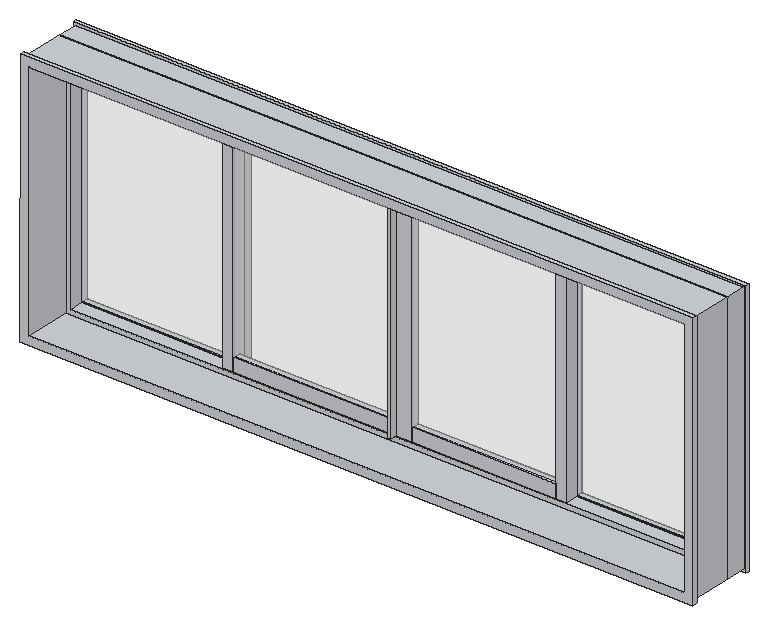
Revit family "APL Residential Thermal Heart Sliding Window FSSF", category Windows, host Wall, Revit 2017 (continued)
Definition of nested family "APL Residential Thermal Heart Sliding Window FSSF Horizontal Section"
  Definition of nested family "Jointer Stiles"
    Definition of nested family "65540_Keeper Stile"
      Lines and regions (mm)
        model lines, in view "Ref. Level"
          curve 69: line (8.003, -15.783, 0) -> (8.003, -17.6, 0)
          curve 70: line (8.503, -18.1, 0) -> (20.603, -18.1, 0)
          curve 71: line (21.125, -17.601, 0) -> (21.125, -17.2, 0)
          curve 72: line (20.625, -16.7, 0) -> (19.875, -16.7, 0)
          curve 73: line (19.675, -16.5, 0) -> (19.675, -15.9, 0)
          curve 74: line (19.875, -15.7, 0) -> (22.975, -15.7, 0)
          curve 75: line (23.175, -15.9, 0) -> (23.175, -16.5, 0)
          curve 76: line (22.975, -16.7, 0) -> (22.625, -16.7, 0)
          curve 77: line (22.425, -16.9, 0) -> (22.425, -17.5, 0)
          curve 78: line (22.625, -17.7, 0) -> (22.975, -17.7, 0)
          curve 79: line (23.375, -18.101, 0) -> (24.975, -18.101, 0)
          curve 80: line (25.375, -17.7, 0) -> (25.725, -17.7, 0)
          curve 81: line (25.925, -17.5, 0) -> (25.925, -16.9, 0)
          curve 82: line (25.725, -16.7, 0) -> (25.375, -16.7, 0)
          curve 83: line (25.175, -16.5, 0) -> (25.175, -15.9, 0)
          curve 84: line (25.375, -15.7, 0) -> (26.805, -15.7, 0)
          curve 85: line (27.005, -15.9, 0) -> (27.005, -19.151, 0)
          curve 86: line (27.005, -19.151, 0) -> (27.38, -19.151, 0)
          curve 87: line (27.38, -19.901, 0) -> (8.2, -19.901, 0)
          curve 88: line (8, -20.101, 0) -> (8, -45.899, 0)
          curve 89: line (4, -49.899, 0) -> (-4, -49.899, 0)
          curve 90: line (-8, -45.899, 0) -> (-8, -20.104, 0)
          curve 91: line (-8.2, -19.904, 0) -> (-18.324, -19.904, 0)
          curve 92: line (-18.824, -19.404, 0) -> (-18.824, -18.929, 0)
          curve 93: line (-20.163, -17.438, 0) -> (-26.067, -16.801, 0)
          curve 94: line (-26.246, -16.602, 0) -> (-26.246, -15.982, 0)
          curve 95: line (-26.046, -15.782, 0) -> (-20.224, -15.782, 0)
          curve 96: line (-16.863, -18.304, 0) -> (-8.5, -18.304, 0)
          curve 97: line (-8, -17.804, 0) -> (-8, -15.782, 0)
          curve 98: line (-8.268, -15.013, 0) -> (-8.782, -13.602, 0)
          curve 99: line (-8.474, -13.2, 0) -> (-6.108, -13.407, 0)
          curve 100: line (-5.922, -13.494, 0) -> (-5.559, -13.858, 0)
          curve 101: line (-5.648, -14.192, 0) -> (-5.816, -14.237, 0)
          curve 102: line (-5.816, -14.237, 0) -> (-6.49, -16.367, 0)
          curve 103: line (-6.49, -16.367, 0) -> (-6.5, -16.599, 0)
          curve 104: line (-5.753, -16.699, 0) -> (-2.525, -16.699, 0)
          curve 105: line (-2.525, -16.699, 0) -> (-1.75, -16.893, 0)
          curve 106: line (-1.5, -16.699, 0) -> (-1.5, -16.178, 0)
          curve 107: line (-1.5, -16.178, 0) -> (-2.309, -14.768, 0)
          curve 108: line (-2.45, -14.199, 0) -> (-0.425, -14.199, 0)
          curve 109: line (-0.255, -14.295, 0) -> (-0.111, -14.531, 0)
          curve 110: line (0.714, -14.2, 0) -> (2.452, -14.2, 0)
          curve 111: line (2.312, -14.769, 0) -> (1.547, -16.023, 0)
          curve 112: line (1.547, -16.023, 0) -> (1.503, -16.7, 0)
          curve 113: line (1.753, -16.894, 0) -> (2.503, -16.7, 0)
          curve 114: line (2.478, -16.706, 0) -> (5.756, -16.7, 0)
          curve 115: arc (5.756, -16.7, 0) -> (5.878, -16.726, 0) -> (5.979, -16.8, 0) r 0.3
          curve 116: arc (5.979, -16.8, 0) -> (6.31, -16.88, 0) -> (6.503, -16.6, 0) r 0.3
          curve 117: arc (-0.597, 0.001, 0) -> (-0.456, 0.059, 0) -> (-0.397, 0.201, 0) r 0.2
          curve 118: arc (-0.397, 12.7, 0) -> (-0.544, 13.054, 0) -> (-0.897, 13.2, 0) r 0.5
          curve 119: arc (-5.9, 13.2, 0) -> (-6.254, 13.054, 0) -> (-6.4, 12.7, 0) r 0.5
          curve 120: arc (-6.4, 0.203, 0) -> (-6.342, 0.06, 0) -> (-6.2, 0.001, 0) r 0.2
          curve 121: arc (8.003, -0.5, 0) -> (7.856, -0.147, 0) -> (7.503, 0, 0) r 0.502
          curve 122: arc (2.003, 0, 0) -> (1.646, 0.144, 0) -> (1.503, 0.5, 0) r 0.491
          curve 123: arc (1.503, 12.7, 0) -> (1.649, 13.054, 0) -> (2.003, 13.2, 0) r 0.5
          curve 124: arc (6, 13.2, 0) -> (6.966, 13.435, 0) -> (7.715, 14.088, 0) r 2.1
          curve 125: arc (7.715, 14.088, 0) -> (7.894, 14.244, 0) -> (8.124, 14.3, 0) r 0.5
          curve 126: arc (23.631, 14.3, 0) -> (23.789, 14.222, 0) -> (23.824, 14.048, 0) r 0.2
          curve 127: arc (23.423, 12.552, 0) -> (23.457, 12.378, 0) -> (23.616, 12.3, 0) r 0.2
          curve 128: arc (25.8, 12.538, 0) -> (25.918, 12.607, 0) -> (25.965, 12.735, 0) r 0.2
          curve 129: arc (26.807, 14, 0) -> (26.949, 14.059, 0) -> (27.007, 14.2, 0) r 0.201
          curve 130: arc (27.378, 15.35, 0) -> (27.753, 15.725, 0) -> (27.378, 16.1, 0) r 0.375
          curve 131: arc (8.2, 16.1, 0) -> (8.059, 16.159, 0) -> (8, 16.3, 0) r 0.2
          curve 132: arc (8, 42.105, 0) -> (6.828, 44.933, 0) -> (4, 46.105, 0) r 4
          curve 133: arc (-4, 46.105, 0) -> (-6.828, 44.933, 0) -> (-8, 42.105, 0) r 4
          curve 134: arc (-8, 16.3, 0) -> (-8.059, 16.159, 0) -> (-8.2, 16.1, 0) r 0.2
          curve 135: arc (-26.047, 16.1, 0) -> (-26.188, 16.041, 0) -> (-26.247, 15.9, 0) r 0.2
          curve 136: arc (-26.247, 15.699, 0) -> (-25.954, 14.992, 0) -> (-25.247, 14.699, 0) r 1
          curve 137: arc (-20.243, 14.413, 0) -> (-20.065, 14.403, 0) -> (-19.887, 14.4, 0) r 5
          curve 138: arc (-8.5, 14.4, 0) -> (-8.146, 14.254, 0) -> (-8, 13.9, 0) r 0.5
          curve 139: arc (-8, -2.816, 0) -> (-7.801, -3.122, 0) -> (-8.043, -3.394, 0) r 0.3
          curve 140: arc (-8.043, -3.394, 0) -> (-8.181, -3.46, 0) -> (-8.268, -3.586, 0) r 0.3
          curve 141: arc (-8.782, -4.997, 0) -> (-8.738, -5.282, 0) -> (-8.474, -5.398, 0) r 0.3
          curve 142: arc (-6.108, -5.191, 0) -> (-6.008, -5.164, 0) -> (-5.922, -5.104, 0) r 0.3
          curve 143: arc (-5.559, -4.741, 0) -> (-5.507, -4.547, 0) -> (-5.648, -4.406, 0) r 0.2
          curve 144: arc (-5.816, -4.361, 0) -> (-5.905, -4.309, 0) -> (-5.957, -4.22, 0) r 0.2
          curve 145: arc (-6.5, -1.999, 0) -> (-6.307, -1.719, 0) -> (-5.976, -1.799, 0) r 0.3
          curve 146: arc (-5.976, -1.799, 0) -> (-5.875, -1.873, 0) -> (-5.753, -1.899, 0) r 0.3
          curve 147: arc (-1.75, -1.706, 0) -> (-1.578, -1.741, 0) -> (-1.5, -1.899, 0) r 0.2
          curve 148: arc (-1.5, -2.42, 0) -> (-1.511, -2.502, 0) -> (-1.544, -2.577, 0) r 0.3
          curve 149: arc (-2.309, -3.83, 0) -> (-2.479, -3.827, 0) -> (-2.611, -3.934, 0) r 0.25
          curve 150: arc (-2.663, -4.019, 0) -> (-2.668, -4.272, 0) -> (-2.45, -4.399, 0) r 0.25
          curve 151: arc (-0.425, -4.399, 0) -> (-0.328, -4.374, 0) -> (-0.255, -4.303, 0) r 0.2
          curve 152: arc (-0.17, -4.164, 0) -> (0.001, -4.068, 0) -> (0.172, -4.164, 0) r 0.2
          curve 153: arc (0.257, -4.304, 0) -> (0.33, -4.374, 0) -> (0.428, -4.4, 0) r 0.2
          curve 154: arc (2.452, -4.4, 0) -> (2.671, -4.273, 0) -> (2.666, -4.02, 0) r 0.25
          curve 155: arc (2.614, -3.934, 0) -> (2.482, -3.828, 0) -> (2.312, -3.831, 0) r 0.25
          curve 156: arc (1.547, -2.577, 0) -> (1.514, -2.502, 0) -> (1.503, -2.421, 0) r 0.3
          curve 157: arc (1.503, -1.9, 0) -> (1.58, -1.742, 0) -> (1.753, -1.706, 0) r 0.2
          curve 158: arc (5.756, -1.9, 0) -> (5.878, -1.874, 0) -> (5.979, -1.8, 0) r 0.3
          curve 159: arc (5.979, -1.8, 0) -> (6.31, -1.72, 0) -> (6.503, -2, 0) r 0.3
          curve 160: arc (5.96, -4.221, 0) -> (5.908, -4.31, 0) -> (5.818, -4.362, 0) r 0.2
          curve 161: arc (5.651, -4.407, 0) -> (5.51, -4.548, 0) -> (5.561, -4.741, 0) r 0.2
          curve 162: arc (5.925, -5.105, 0) -> (6.01, -5.165, 0) -> (6.111, -5.192, 0) r 0.3
          curve 163: arc (8.477, -5.399, 0) -> (8.741, -5.283, 0) -> (8.785, -4.997, 0) r 0.3
          curve 164: arc (8.271, -3.587, 0) -> (8.184, -3.461, 0) -> (8.046, -3.395, 0) r 0.3
          curve 165: arc (8.046, -3.395, 0) -> (7.804, -3.122, 0) -> (8.003, -2.817, 0) r 0.3
          curve 166: arc (-6.5, 15.3, 0) -> (-6.354, 14.946, 0) -> (-6, 14.8, 0) r 0.5
          curve 167: arc (6, 14.8, 0) -> (6.354, 14.946, 0) -> (6.5, 15.3, 0) r 0.5
          curve 168: arc (6.5, 42.105, 0) -> (6.207, 42.812, 0) -> (5.5, 43.105, 0) r 1
          curve 169: arc (-5.5, 43.105, 0) -> (-6.207, 42.812, 0) -> (-6.5, 42.105, 0) r 1
          curve 170: line (-6.2, 0.001, 0) -> (-0.597, 0.001, 0)
          curve 171: line (-0.397, 0.201, 0) -> (-0.397, 12.7, 0)
          curve 172: line (-0.897, 13.2, 0) -> (-5.9, 13.2, 0)
          curve 173: line (-6.4, 12.7, 0) -> (-6.4, 0.203, 0)
          curve 174: line (8.003, -2.817, 0) -> (8.003, -0.5, 0)
          curve 175: line (7.503, 0, 0) -> (2.003, 0, 0)
          curve 176: line (1.503, 0.5, 0) -> (1.503, 12.7, 0)
          curve 177: line (2.003, 13.2, 0) -> (6, 13.2, 0)
          curve 178: line (8.124, 14.3, 0) -> (23.631, 14.3, 0)
          curve 179: line (23.824, 14.048, 0) -> (23.423, 12.552, 0)
          curve 180: line (23.616, 12.3, 0) -> (24.447, 12.3, 0)
          curve 181: line (24.447, 12.3, 0) -> (25.8, 12.538, 0)
          curve 182: line (25.965, 12.735, 0) -> (25.965, 14, 0)
          curve 183: line (25.965, 14, 0) -> (26.807, 14, 0)
          curve 184: line (27.007, 14.2, 0) -> (27.007, 15.35, 0)
          curve 185: line (27.007, 15.35, 0) -> (27.378, 15.35, 0)
          curve 186: line (27.378, 16.1, 0) -> (8.2, 16.1, 0)
          curve 187: line (8, 16.3, 0) -> (8, 42.105, 0)
          curve 188: line (4, 46.105, 0) -> (-4, 46.105, 0)
          curve 189: line (-8, 42.105, 0) -> (-8, 16.3, 0)
          curve 190: line (-8.2, 16.1, 0) -> (-26.047, 16.1, 0)
          curve 191: line (-26.247, 15.9, 0) -> (-26.247, 15.699, 0)
          curve 192: line (-25.247, 14.699, 0) -> (-24.247, 14.699, 0)
          curve 193: line (-24.247, 14.699, 0) -> (-20.243, 14.413, 0)
          curve 194: line (-19.887, 14.4, 0) -> (-8.5, 14.4, 0)
          curve 195: line (-8, 13.9, 0) -> (-8, 3.801, 0)
          curve 196: line (-8, 3.801, 0) -> (-7.6, 3.401, 0)
          curve 197: line (-7.6, 3.401, 0) -> (-8, 3.001, 0)
          curve 198: line (-8, 3.001, 0) -> (-8, -2.816, 0)
          curve 199: line (-8.268, -3.586, 0) -> (-8.782, -4.997, 0)
          curve 200: line (-8.474, -5.398, 0) -> (-6.108, -5.191, 0)
          curve 201: line (-5.922, -5.104, 0) -> (-5.559, -4.741, 0)
          curve 202: line (-5.648, -4.406, 0) -> (-5.816, -4.361, 0)
          curve 203: line (-5.816, -4.361, 0) -> (-6.49, -2.231, 0)
          curve 204: line (-6.49, -2.231, 0) -> (-6.5, -1.999, 0)
          curve 205: line (-5.753, -1.899, 0) -> (-2.525, -1.899, 0)
          curve 206: line (-2.525, -1.899, 0) -> (-1.75, -1.706, 0)
          curve 207: line (-1.5, -1.899, 0) -> (-1.5, -2.42, 0)
          curve 208: line (-1.5, -2.42, 0) -> (-2.309, -3.83, 0)
          curve 209: line (-2.45, -4.399, 0) -> (-0.425, -4.399, 0)
          curve 210: line (-0.255, -4.303, 0) -> (-0.17, -4.164, 0)
          curve 211: line (0.172, -4.164, 0) -> (0.257, -4.304, 0)
          curve 212: line (0.428, -4.4, 0) -> (2.452, -4.4, 0)
          curve 213: line (2.312, -3.831, 0) -> (1.547, -2.577, 0)
          curve 214: line (1.547, -2.577, 0) -> (1.503, -1.9, 0)
          curve 215: line (1.753, -1.706, 0) -> (2.478, -1.894, 0)
          curve 216: line (2.478, -1.894, 0) -> (5.756, -1.9, 0)
          curve 217: line (6.503, -2.154, 0) -> (5.96, -4.221, 0)
          curve 218: line (5.96, -4.221, 0) -> (5.651, -4.407, 0)
          curve 219: line (5.561, -4.741, 0) -> (5.925, -5.105, 0)
          curve 220: line (6.111, -5.192, 0) -> (8.477, -5.399, 0)
          curve 221: line (8.785, -4.997, 0) -> (8.271, -3.587, 0)
          curve 222: line (-6.5, 42.105, 0) -> (-6.5, 34.899, 0)
          curve 223: line (-6.5, 34.899, 0) -> (-5.5, 33.899, 0)
          curve 224: line (-5.5, 33.899, 0) -> (-5.5, 27.899, 0)
          curve 225: line (-5.5, 27.899, 0) -> (-6.5, 26.899, 0)
          curve 226: line (-6.5, 26.899, 0) -> (-6.5, 15.3, 0)
          curve 227: line (-6, 14.8, 0) -> (6, 14.8, 0)
          curve 228: line (6.5, 15.3, 0) -> (6.5, 42.105, 0)
          curve 229: line (5.5, 43.105, 0) -> (-5.5, 43.105, 0)
          curve 230: arc (2.403, -16.7, 0) -> (2.12, -16.583, 0) -> (2.003, -16.3, 0) r 0.4
          curve 231: arc (2.003, -16.007, 0) -> (2.016, -15.904, 0) -> (2.057, -15.807, 0) r 0.4
          curve 232: arc (2.941, -14.279, 0) -> (3.062, -13.989, 0) -> (3.103, -13.678, 0) r 1.2
          curve 233: arc (3.103, -12.755, 0) -> (3.284, -12.182, 0) -> (3.761, -11.816, 0) r 1
          curve 234: arc (5.94, -11.023, 0) -> (6.13, -10.876, 0) -> (6.203, -10.647, 0) r 0.4
          curve 235: arc (6.203, -7.953, 0) -> (6.13, -7.724, 0) -> (5.94, -7.577, 0) r 0.4
          curve 236: arc (3.761, -6.784, 0) -> (3.284, -6.418, 0) -> (3.103, -5.845, 0) r 1
          curve 237: arc (3.103, -4.922, 0) -> (3.062, -4.611, 0) -> (2.941, -4.321, 0) r 1.2
          curve 238: arc (2.057, -2.793, 0) -> (2.016, -2.696, 0) -> (2.003, -2.593, 0) r 0.4
          curve 239: arc (2.003, -2.3, 0) -> (2.12, -2.017, 0) -> (2.403, -1.9, 0) r 0.4
          curve 240: arc (5.803, -1.9, 0) -> (6.086, -2.017, 0) -> (6.203, -2.3, 0) r 0.4
          curve 241: arc (6.203, -2.593, 0) -> (6.189, -2.696, 0) -> (6.149, -2.793, 0) r 0.4
          curve 242: arc (5.264, -4.321, 0) -> (5.143, -4.615, 0) -> (5.103, -4.93, 0) r 1.2
          curve 243: arc (5.103, -4.93, 0) -> (5.156, -5.105, 0) -> (5.3, -5.216, 0) r 0.3
          curve 244: arc (7.74, -6.104, 0) -> (7.93, -6.251, 0) -> (8.003, -6.48, 0) r 0.4
          curve 245: arc (8.003, -12.12, 0) -> (7.93, -12.349, 0) -> (7.74, -12.496, 0) r 0.4
          curve 246: arc (5.3, -13.384, 0) -> (5.156, -13.495, 0) -> (5.103, -13.67, 0) r 0.3
          curve 247: arc (5.103, -13.67, 0) -> (5.143, -13.985, 0) -> (5.264, -14.279, 0) r 1.2
          curve 248: arc (6.149, -15.807, 0) -> (6.189, -15.904, 0) -> (6.203, -16.007, 0) r 0.4
          curve 249: arc (6.203, -16.3, 0) -> (6.086, -16.583, 0) -> (5.803, -16.7, 0) r 0.4
          curve 250: line (2.003, -16.3, 0) -> (2.003, -16.007, 0)
          curve 251: line (2.057, -15.807, 0) -> (2.941, -14.279, 0)
          curve 252: line (3.103, -13.678, 0) -> (3.103, -12.755, 0)
          curve 253: line (3.761, -11.816, 0) -> (5.94, -11.023, 0)
          curve 254: line (6.203, -10.647, 0) -> (6.203, -7.953, 0)
          curve 255: line (5.94, -7.577, 0) -> (3.761, -6.784, 0)
          curve 256: line (3.103, -5.845, 0) -> (3.103, -4.922, 0)
          curve 257: line (2.941, -4.321, 0) -> (2.057, -2.793, 0)
          curve 258: line (2.003, -2.593, 0) -> (2.003, -2.3, 0)
          curve 259: line (2.403, -1.9, 0) -> (5.803, -1.9, 0)
          curve 260: line (6.203, -2.3, 0) -> (6.203, -2.593, 0)
          curve 261: line (6.149, -2.793, 0) -> (5.264, -4.321, 0)
          curve 262: line (5.3, -5.216, 0) -> (7.74, -6.104, 0)
          curve 263: line (8.003, -6.48, 0) -> (8.003, -12.12, 0)
          curve 264: line (7.74, -12.496, 0) -> (5.3, -13.384, 0)
          curve 265: line (5.264, -14.279, 0) -> (6.149, -15.807, 0)
          curve 266: line (6.203, -16.007, 0) -> (6.203, -16.3, 0)
          curve 267: line (5.803, -16.7, 0) -> (2.403, -16.7, 0)
          curve 268: arc (-2.4, -16.699, 0) -> (-2.117, -16.582, 0) -> (-2, -16.299, 0) r 0.4
          curve 269: arc (-2, -16.007, 0) -> (-2.014, -15.903, 0) -> (-2.054, -15.806, 0) r 0.4
          curve 270: arc (-2.939, -14.278, 0) -> (-3.059, -13.988, 0) -> (-3.1, -13.677, 0) r 1.2
          curve 271: arc (-3.1, -12.754, 0) -> (-3.281, -12.181, 0) -> (-3.758, -11.815, 0) r 1
          curve 272: arc (-5.937, -11.022, 0) -> (-6.128, -10.875, 0) -> (-6.2, -10.646, 0) r 0.4
          curve 273: arc (-6.2, -7.952, 0) -> (-6.128, -7.723, 0) -> (-5.937, -7.577, 0) r 0.4
          curve 274: arc (-3.758, -6.784, 0) -> (-3.281, -6.417, 0) -> (-3.1, -5.844, 0) r 1
          curve 275: arc (-3.1, -4.921, 0) -> (-3.059, -4.61, 0) -> (-2.939, -4.32, 0) r 1.2
          curve 276: arc (-2.054, -2.792, 0) -> (-2.014, -2.695, 0) -> (-2, -2.592, 0) r 0.4
          curve 277: arc (-2, -2.299, 0) -> (-2.117, -2.016, 0) -> (-2.4, -1.899, 0) r 0.4
          curve 278: arc (-5.8, -1.899, 0) -> (-6.083, -2.016, 0) -> (-6.2, -2.299, 0) r 0.4
          curve 279: arc (-6.2, -2.592, 0) -> (-6.186, -2.695, 0) -> (-6.146, -2.792, 0) r 0.4
          curve 280: arc (-5.261, -4.32, 0) -> (-5.14, -4.614, 0) -> (-5.1, -4.93, 0) r 1.2
          curve 281: arc (-5.1, -4.93, 0) -> (-5.153, -5.104, 0) -> (-5.297, -5.216, 0) r 0.3
          curve 282: arc (-7.737, -6.103, 0) -> (-7.928, -6.25, 0) -> (-8, -6.479, 0) r 0.4
          curve 283: arc (-8, -12.119, 0) -> (-7.928, -12.349, 0) -> (-7.737, -12.495, 0) r 0.4
          curve 284: arc (-5.297, -13.383, 0) -> (-5.153, -13.494, 0) -> (-5.1, -13.669, 0) r 0.3
          curve 285: arc (-5.1, -13.669, 0) -> (-5.14, -13.984, 0) -> (-5.261, -14.278, 0) r 1.2
          curve 286: arc (-6.146, -15.806, 0) -> (-6.186, -15.903, 0) -> (-6.2, -16.007, 0) r 0.4
          curve 287: arc (-6.2, -16.299, 0) -> (-6.083, -16.582, 0) -> (-5.8, -16.699, 0) r 0.4
          curve 288: line (-2, -16.299, 0) -> (-2, -16.007, 0)
          curve 289: line (-2.054, -15.806, 0) -> (-2.939, -14.278, 0)
          curve 290: line (-3.1, -13.677, 0) -> (-3.1, -12.754, 0)
          curve 291: line (-3.758, -11.815, 0) -> (-5.937, -11.022, 0)
          curve 292: line (-6.2, -10.646, 0) -> (-6.2, -7.952, 0)
          curve 293: line (-5.937, -7.577, 0) -> (-3.758, -6.784, 0)
          curve 294: line (-3.1, -5.844, 0) -> (-3.1, -4.921, 0)
          curve 295: line (-2.939, -4.32, 0) -> (-2.054, -2.792, 0)
          curve 296: line (-2, -2.592, 0) -> (-2, -2.299, 0)
          curve 297: line (-2.4, -1.899, 0) -> (-5.8, -1.899, 0)
          curve 298: line (-6.2, -2.299, 0) -> (-6.2, -2.592, 0)
          curve 299: line (-6.146, -2.792, 0) -> (-5.261, -4.32, 0)
          curve 300: line (-5.297, -5.216, 0) -> (-7.737, -6.103, 0)
          curve 301: line (-8, -6.479, 0) -> (-8, -12.119, 0)
          curve 302: line (-7.737, -12.495, 0) -> (-5.297, -13.383, 0)
          curve 303: line (-5.261, -14.278, 0) -> (-6.146, -15.806, 0)
          curve 304: line (-6.2, -16.007, 0) -> (-6.2, -16.299, 0)
          curve 305: line (-5.8, -16.699, 0) -> (-2.4, -16.699, 0)
      Text (mm)
        text "65540" at (35.06, 37.609, 0), in view "Ref. Level"
    Definition of nested family "65530_Lock Stile"
      Reference planes
        plane 1 "Center (Front/Back)": y = 0
        plane 2: z = 0
        plane 3 "Center (Left/Right)": x = 0
      Lines and regions (mm)
        model lines, in view "Ref. Level"
          curve 1: arc (-6.459, -13.382, 0) -> (-6.382, -13.54, 0) -> (-6.209, -13.576, 0) r 0.2
          curve 2: arc (-2.207, -13.382, 0) -> (-2.084, -13.408, 0) -> (-1.983, -13.482, 0) r 0.3
          curve 3: arc (-1.983, -13.482, 0) -> (-1.652, -13.562, 0) -> (-1.459, -13.282, 0) r 0.3
          curve 4: arc (-2.002, -11.062, 0) -> (-2.054, -10.972, 0) -> (-2.144, -10.92, 0) r 0.2
          curve 5: arc (-2.311, -10.875, 0) -> (-2.453, -10.734, 0) -> (-2.401, -10.541, 0) r 0.2
          curve 6: arc (-2.037, -10.177, 0) -> (-1.952, -10.117, 0) -> (-1.851, -10.09, 0) r 0.3
          curve 7: arc (0.514, -9.883, 0) -> (0.779, -9.999, 0) -> (0.823, -10.285, 0) r 0.3
          curve 8: arc (0.309, -11.696, 0) -> (0.222, -11.821, 0) -> (0.084, -11.888, 0) r 0.3
          curve 9: arc (0.084, -11.888, 0) -> (-0.159, -12.16, 0) -> (0.041, -12.465, 0) r 0.3
          curve 10: arc (0.041, -13.235, 0) -> (0.187, -13.589, 0) -> (0.541, -13.735, 0) r 0.5
          curve 11: arc (3.102, -13.735, 0) -> (3.281, -13.739, 0) -> (3.459, -13.748, 0) r 5
          curve 12: arc (8.963, -14.035, 0) -> (9.316, -14.181, 0) -> (9.463, -14.535, 0) r 0.5
          curve 13: arc (9.463, -14.936, 0) -> (9.316, -15.289, 0) -> (8.963, -15.436, 0) r 0.5
          curve 14: arc (-53.587, -15.433, 0) -> (-53.962, -15.058, 0) -> (-53.587, -14.683, 0) r 0.375
          curve 15: arc (-53.212, -11.432, 0) -> (-53.153, -11.291, 0) -> (-53.012, -11.232, 0) r 0.2
          curve 16: arc (-51.582, -11.232, 0) -> (-51.44, -11.291, 0) -> (-51.382, -11.432, 0) r 0.2
          curve 17: arc (-51.382, -12.032, 0) -> (-51.44, -12.173, 0) -> (-51.582, -12.232, 0) r 0.2
          curve 18: arc (-51.932, -12.232, 0) -> (-52.073, -12.291, 0) -> (-52.132, -12.432, 0) r 0.2
          curve 19: arc (-52.132, -13.032, 0) -> (-52.073, -13.173, 0) -> (-51.932, -13.232, 0) r 0.2
          curve 20: arc (-51.582, -13.232, 0) -> (-51.44, -13.291, 0) -> (-51.382, -13.432, 0) r 0.2
          curve 21: arc (-51.382, -13.433, 0) -> (-51.323, -13.574, 0) -> (-51.182, -13.633, 0) r 0.2
          curve 22: arc (-49.582, -13.633, 0) -> (-49.44, -13.574, 0) -> (-49.382, -13.433, 0) r 0.2
          curve 23: arc (-49.382, -13.432, 0) -> (-49.323, -13.291, 0) -> (-49.182, -13.232, 0) r 0.2
          curve 24: arc (-48.832, -13.232, 0) -> (-48.69, -13.173, 0) -> (-48.632, -13.032, 0) r 0.2
          curve 25: arc (-48.632, -12.432, 0) -> (-48.69, -12.291, 0) -> (-48.832, -12.232, 0) r 0.2
          curve 26: arc (-49.182, -12.232, 0) -> (-49.323, -12.173, 0) -> (-49.382, -12.032, 0) r 0.2
          curve 27: arc (-49.382, -11.432, 0) -> (-49.323, -11.291, 0) -> (-49.182, -11.232, 0) r 0.2
          curve 28: arc (-46.082, -11.232, 0) -> (-45.94, -11.291, 0) -> (-45.882, -11.432, 0) r 0.2
          curve 29: arc (-45.882, -12.032, 0) -> (-45.94, -12.173, 0) -> (-46.082, -12.232, 0) r 0.2
          curve 30: arc (-46.832, -12.232, 0) -> (-47.185, -12.379, 0) -> (-47.332, -12.732, 0) r 0.5
          curve 31: arc (-47.332, -13.133, 0) -> (-47.185, -13.486, 0) -> (-46.832, -13.633, 0) r 0.5
          curve 32: arc (-34.709, -13.632, 0) -> (-34.356, -13.486, 0) -> (-34.209, -13.132, 0) r 0.5
          curve 33: arc (-34.209, -11.315, 0) -> (-34.01, -11.01, 0) -> (-34.253, -10.737, 0) r 0.3
          curve 34: arc (-34.253, -10.737, 0) -> (-34.391, -10.671, 0) -> (-34.478, -10.546, 0) r 0.3
          curve 35: arc (-34.991, -9.135, 0) -> (-34.947, -8.849, 0) -> (-34.683, -8.733, 0) r 0.3
          curve 36: arc (-32.318, -8.94, 0) -> (-32.217, -8.967, 0) -> (-32.132, -9.027, 0) r 0.3
          curve 37: arc (-31.768, -9.391, 0) -> (-31.716, -9.584, 0) -> (-31.858, -9.725, 0) r 0.2
          curve 38: arc (-32.025, -9.77, 0) -> (-32.115, -9.822, 0) -> (-32.166, -9.911, 0) r 0.2
          curve 39: arc (-32.709, -12.132, 0) -> (-32.516, -12.412, 0) -> (-32.186, -12.332, 0) r 0.3
          curve 40: arc (-32.186, -12.332, 0) -> (-32.085, -12.258, 0) -> (-31.962, -12.232, 0) r 0.3
          curve 41: arc (-27.959, -12.426, 0) -> (-27.787, -12.39, 0) -> (-27.709, -12.232, 0) r 0.2
          curve 42: arc (-27.709, -11.711, 0) -> (-27.721, -11.63, 0) -> (-27.753, -11.555, 0) r 0.3
          curve 43: arc (-28.518, -10.301, 0) -> (-28.688, -10.304, 0) -> (-28.821, -10.198, 0) r 0.25
          curve 44: arc (-28.873, -10.112, 0) -> (-28.877, -9.86, 0) -> (-28.659, -9.732, 0) r 0.25
          curve 45: arc (-26.92, -9.732, 0) -> (-26.676, -9.796, 0) -> (-26.494, -9.972, 0) r 0.5
          curve 46: arc (-25.883, -10.973, 0) -> (-25.828, -11.098, 0) -> (-25.809, -11.233, 0) r 0.5
          curve 47: arc (-25.809, -13.029, 0) -> (-25.664, -13.384, 0) -> (-25.309, -13.532, 0) r 0.5
          curve 48: arc (-8.559, -13.531, 0) -> (-8.418, -13.473, 0) -> (-8.359, -13.331, 0) r 0.2
          curve 49: arc (-8.359, -11.084, 0) -> (-8.301, -10.941, 0) -> (-8.159, -10.882, 0) r 0.2
          curve 50: arc (-5.51, -10.882, 0) -> (-5.292, -11.01, 0) -> (-5.296, -11.262, 0) r 0.25
          curve 51: arc (-5.348, -11.348, 0) -> (-5.481, -11.454, 0) -> (-5.65, -11.451, 0) r 0.25
          curve 52: arc (-6.415, -12.705, 0) -> (-6.448, -12.78, 0) -> (-6.459, -12.861, 0) r 0.3
          curve 53: line (-6.209, -13.576, 0) -> (-5.459, -13.382, 0)
          curve 54: line (-5.484, -13.388, 0) -> (-2.207, -13.382, 0)
          curve 55: line (-1.459, -13.128, 0) -> (-2.002, -11.062, 0)
          curve 56: line (-2.002, -11.062, 0) -> (-2.311, -10.875, 0)
          curve 57: line (-2.401, -10.541, 0) -> (-2.037, -10.177, 0)
          curve 58: line (-1.851, -10.09, 0) -> (0.514, -9.883, 0)
          curve 59: line (0.823, -10.285, 0) -> (0.309, -11.696, 0)
          curve 60: line (0.041, -12.465, 0) -> (0.041, -13.235, 0)
          curve 61: line (0.541, -13.735, 0) -> (3.102, -13.735, 0)
          curve 62: line (3.459, -13.748, 0) -> (7.463, -14.035, 0)
          curve 63: line (7.463, -14.035, 0) -> (8.963, -14.035, 0)
          curve 64: line (9.463, -14.535, 0) -> (9.463, -14.936, 0)
          curve 65: line (8.963, -15.436, 0) -> (-53.587, -15.436, 0)
          curve 66: line (-53.587, -14.683, 0) -> (-53.212, -14.683, 0)
          curve 67: line (-53.212, -14.683, 0) -> (-53.212, -11.432, 0)
          curve 68: line (-53.012, -11.232, 0) -> (-51.582, -11.232, 0)
          curve 69: line (-51.382, -11.432, 0) -> (-51.382, -12.032, 0)
          curve 70: line (-51.582, -12.232, 0) -> (-51.932, -12.232, 0)
          curve 71: line (-52.132, -12.432, 0) -> (-52.132, -13.032, 0)
          curve 72: line (-51.932, -13.232, 0) -> (-51.582, -13.232, 0)
          curve 73: line (-51.182, -13.633, 0) -> (-49.582, -13.633, 0)
          curve 74: line (-49.182, -13.232, 0) -> (-48.832, -13.232, 0)
          curve 75: line (-48.632, -13.032, 0) -> (-48.632, -12.432, 0)
          curve 76: line (-48.832, -12.232, 0) -> (-49.182, -12.232, 0)
          curve 77: line (-49.382, -12.032, 0) -> (-49.382, -11.432, 0)
          curve 78: line (-49.182, -11.232, 0) -> (-46.082, -11.232, 0)
          curve 79: line (-45.882, -11.432, 0) -> (-45.882, -12.032, 0)
          curve 80: line (-46.082, -12.232, 0) -> (-46.832, -12.232, 0)
          curve 81: line (-47.332, -12.732, 0) -> (-47.332, -13.133, 0)
          curve 82: line (-46.832, -13.633, 0) -> (-34.709, -13.633, 0)
          curve 83: line (-34.209, -13.132, 0) -> (-34.209, -11.315, 0)
          curve 84: line (-34.478, -10.546, 0) -> (-34.991, -9.135, 0)
          curve 85: line (-34.683, -8.733, 0) -> (-32.318, -8.94, 0)
          curve 86: line (-32.132, -9.027, 0) -> (-31.768, -9.391, 0)
          curve 87: line (-31.858, -9.725, 0) -> (-32.025, -9.77, 0)
          curve 88: line (-32.025, -9.77, 0) -> (-32.699, -11.9, 0)
          curve 89: line (-32.699, -11.9, 0) -> (-32.709, -12.132, 0)
          curve 90: line (-31.962, -12.232, 0) -> (-28.735, -12.232, 0)
          curve 91: line (-28.735, -12.232, 0) -> (-27.959, -12.426, 0)
          curve 92: line (-27.709, -12.232, 0) -> (-27.709, -11.711, 0)
          curve 93: line (-27.709, -11.711, 0) -> (-28.518, -10.301, 0)
          curve 94: line (-28.659, -9.732, 0) -> (-26.92, -9.732, 0)
          curve 95: line (-26.494, -9.972, 0) -> (-25.883, -10.973, 0)
          curve 96: line (-25.809, -11.233, 0) -> (-25.809, -13.029, 0)
          curve 97: line (-25.309, -13.532, 0) -> (-8.559, -13.532, 0)
          curve 98: line (-8.359, -13.331, 0) -> (-8.359, -11.084, 0)
          curve 99: line (-8.159, -10.882, 0) -> (-5.51, -10.882, 0)
          curve 100: line (-5.65, -11.451, 0) -> (-6.415, -12.705, 0)
          curve 101: line (-6.415, -12.705, 0) -> (-6.459, -13.382, 0)
          curve 102: arc (-53.584, 20.568, 0) -> (-53.959, 20.193, 0) -> (-53.584, 19.818, 0) r 0.375
          curve 103: arc (-53.214, 18.668, 0) -> (-53.155, 18.527, 0) -> (-53.014, 18.468, 0) r 0.201
          curve 104: arc (-52.172, 17.203, 0) -> (-52.125, 17.075, 0) -> (-52.007, 17.006, 0) r 0.2
          curve 105: arc (-49.823, 16.768, 0) -> (-49.664, 16.846, 0) -> (-49.629, 17.02, 0) r 0.2
          curve 106: arc (-50.031, 18.516, 0) -> (-49.996, 18.69, 0) -> (-49.837, 18.768, 0) r 0.2
          curve 107: arc (-28.209, 18.768, 0) -> (-27.856, 18.621, 0) -> (-27.709, 18.268, 0) r 0.5
          curve 108: arc (-27.709, 4.968, 0) -> (-27.853, 4.612, 0) -> (-28.209, 4.468, 0) r 0.491
          curve 109: arc (-33.709, 4.468, 0) -> (-34.062, 4.321, 0) -> (-34.209, 3.968, 0) r 0.502
          curve 110: arc (-34.209, 1.651, 0) -> (-34.01, 1.346, 0) -> (-34.253, 1.073, 0) r 0.3
          curve 111: arc (-34.253, 1.073, 0) -> (-34.391, 1.007, 0) -> (-34.478, 0.881, 0) r 0.3
          curve 112: arc (-34.991, -0.529, 0) -> (-34.947, -0.815, 0) -> (-34.683, -0.931, 0) r 0.3
          curve 113: arc (-32.318, -0.724, 0) -> (-32.217, -0.697, 0) -> (-32.132, -0.637, 0) r 0.3
          curve 114: arc (-31.768, -0.273, 0) -> (-31.716, -0.08, 0) -> (-31.858, 0.061, 0) r 0.2
          curve 115: arc (-32.025, 0.106, 0) -> (-32.115, 0.158, 0) -> (-32.166, 0.247, 0) r 0.2
          curve 116: arc (-32.709, 2.468, 0) -> (-32.516, 2.748, 0) -> (-32.186, 2.668, 0) r 0.3
          curve 117: arc (-32.186, 2.668, 0) -> (-32.085, 2.594, 0) -> (-31.962, 2.568, 0) r 0.3
          curve 118: arc (-27.959, 2.762, 0) -> (-27.787, 2.726, 0) -> (-27.709, 2.568, 0) r 0.2
          curve 119: arc (-27.709, 2.047, 0) -> (-27.721, 1.966, 0) -> (-27.753, 1.89, 0) r 0.3
          curve 120: arc (-28.518, 0.637, 0) -> (-28.688, 0.64, 0) -> (-28.821, 0.534, 0) r 0.25
          curve 121: arc (-28.873, 0.448, 0) -> (-28.877, 0.196, 0) -> (-28.659, 0.068, 0) r 0.25
          curve 122: arc (-8.862, 0.068, 0) -> (-8.507, -0.078, 0) -> (-8.359, -0.432, 0) r 0.5
          curve 123: arc (-8.359, -0.881, 0) -> (-8.301, -1.023, 0) -> (-8.159, -1.082, 0) r 0.2
          curve 124: arc (-5.51, -1.082, 0) -> (-5.292, -0.955, 0) -> (-5.296, -0.702, 0) r 0.25
          curve 125: arc (-5.348, -0.616, 0) -> (-5.481, -0.51, 0) -> (-5.65, -0.513, 0) r 0.25
          curve 126: arc (-6.415, 0.74, 0) -> (-6.448, 0.816, 0) -> (-6.459, 0.897, 0) r 0.3
          curve 127: arc (-6.459, 1.418, 0) -> (-6.382, 1.576, 0) -> (-6.209, 1.612, 0) r 0.2
          curve 128: arc (-2.207, 1.418, 0) -> (-2.084, 1.444, 0) -> (-1.983, 1.518, 0) r 0.3
          curve 129: arc (-1.983, 1.518, 0) -> (-1.652, 1.598, 0) -> (-1.459, 1.318, 0) r 0.3
          curve 130: arc (-2.002, -0.903, 0) -> (-2.054, -0.992, 0) -> (-2.144, -1.044, 0) r 0.2
          curve 131: arc (-2.311, -1.089, 0) -> (-2.453, -1.23, 0) -> (-2.401, -1.424, 0) r 0.2
          curve 132: arc (-2.037, -1.787, 0) -> (-1.952, -1.847, 0) -> (-1.851, -1.874, 0) r 0.3
          curve 133: arc (0.514, -2.081, 0) -> (0.779, -1.965, 0) -> (0.823, -1.679, 0) r 0.3
          curve 134: arc (0.309, -0.269, 0) -> (0.222, -0.143, 0) -> (0.084, -0.077, 0) r 0.3
          curve 135: arc (0.084, -0.077, 0) -> (-0.159, 0.195, 0) -> (0.041, 0.501, 0) r 0.3
          curve 136: arc (0.041, 13.489, 0) -> (0.099, 13.631, 0) -> (0.241, 13.689, 0) r 0.2
          curve 137: arc (9.264, 13.689, 0) -> (9.406, 13.748, 0) -> (9.464, 13.889, 0) r 0.2
          curve 138: arc (9.464, 14.489, 0) -> (9.406, 14.631, 0) -> (9.264, 14.689, 0) r 0.2
          curve 139: arc (-5.76, 14.689, 0) -> (-5.902, 14.748, 0) -> (-5.96, 14.889, 0) r 0.2
          curve 140: arc (-5.96, 18.939, 0) -> (-5.902, 19.081, 0) -> (-5.76, 19.139, 0) r 0.2
          curve 141: arc (-2.21, 19.139, 0) -> (-2.033, 19.066, 0) -> (-1.96, 18.889, 0) r 0.25
          curve 142: arc (-1.96, 17.439, 0) -> (-1.806, 17.208, 0) -> (-1.533, 17.262, 0) r 0.25
          curve 143: arc (0.04, 20.368, 0) -> (-0.019, 20.509, 0) -> (-0.16, 20.568, 0) r 0.2
          curve 144: arc (-7.86, 14.889, 0) -> (-7.245, 13.404, 0) -> (-5.76, 12.789, 0) r 2.1
          curve 145: arc (-2.359, 12.789, 0) -> (-2.006, 12.643, 0) -> (-1.859, 12.289, 0) r 0.5
          curve 146: arc (-1.859, 3.818, 0) -> (-2.006, 3.464, 0) -> (-2.36, 3.318, 0) r 0.501
          curve 147: arc (-8.159, 3.318, 0) -> (-8.301, 3.259, 0) -> (-8.359, 3.118, 0) r 0.2
          curve 148: arc (-8.359, 2.468, 0) -> (-8.506, 2.114, 0) -> (-8.859, 1.968, 0) r 0.5
          curve 149: arc (-25.307, 1.968, 0) -> (-25.662, 2.114, 0) -> (-25.809, 2.468, 0) r 0.5
          curve 150: arc (-25.809, 18.168, 0) -> (-25.663, 18.521, 0) -> (-25.309, 18.668, 0) r 0.5
          curve 151: arc (-8.36, 18.659, 0) -> (-8.007, 18.512, 0) -> (-7.86, 18.159, 0) r 0.5
          curve 152: line (-0.912, 20.568, 0) -> (-0.16, 20.568, 0)
          curve 153: line (-0.16, 20.568, 0) -> (-53.584, 20.568, 0)
          curve 154: line (-53.584, 19.818, 0) -> (-53.214, 19.818, 0)
          curve 155: line (-53.214, 19.818, 0) -> (-53.214, 18.668, 0)
          curve 156: line (-53.014, 18.468, 0) -> (-52.172, 18.468, 0)
          curve 157: line (-52.172, 18.468, 0) -> (-52.172, 17.203, 0)
          curve 158: line (-52.007, 17.006, 0) -> (-50.654, 16.768, 0)
          curve 159: line (-50.654, 16.768, 0) -> (-49.823, 16.768, 0)
          curve 160: line (-49.629, 17.02, 0) -> (-50.031, 18.516, 0)
          curve 161: line (-49.837, 18.768, 0) -> (-28.209, 18.768, 0)
          curve 162: line (-27.709, 18.268, 0) -> (-27.709, 4.968, 0)
          curve 163: line (-28.209, 4.468, 0) -> (-33.709, 4.468, 0)
          curve 164: line (-34.209, 3.968, 0) -> (-34.209, 1.651, 0)
          curve 165: line (-34.478, 0.881, 0) -> (-34.991, -0.529, 0)
          curve 166: line (-34.683, -0.931, 0) -> (-32.318, -0.724, 0)
          curve 167: line (-32.132, -0.637, 0) -> (-31.768, -0.273, 0)
          curve 168: line (-31.858, 0.061, 0) -> (-32.025, 0.106, 0)
          curve 169: line (-32.025, 0.106, 0) -> (-32.699, 2.236, 0)
          curve 170: line (-32.699, 2.236, 0) -> (-32.709, 2.468, 0)
          curve 171: line (-31.962, 2.568, 0) -> (-28.735, 2.568, 0)
          curve 172: line (-28.735, 2.568, 0) -> (-27.959, 2.762, 0)
          curve 173: line (-27.709, 2.568, 0) -> (-27.709, 2.047, 0)
          curve 174: line (-27.709, 2.047, 0) -> (-28.518, 0.637, 0)
          curve 175: line (-28.659, 0.068, 0) -> (-8.862, 0.068, 0)
          curve 176: line (-8.359, -0.432, 0) -> (-8.359, -0.881, 0)
          curve 177: line (-8.159, -1.082, 0) -> (-5.51, -1.082, 0)
          curve 178: line (-5.65, -0.513, 0) -> (-6.415, 0.74, 0)
          curve 179: line (-6.415, 0.74, 0) -> (-6.459, 1.418, 0)
          curve 180: line (-6.209, 1.612, 0) -> (-5.459, 1.418, 0)
          curve 181: line (-5.484, 1.424, 0) -> (-2.207, 1.418, 0)
          curve 182: line (-1.459, 1.163, 0) -> (-2.002, -0.903, 0)
          curve 183: line (-2.002, -0.903, 0) -> (-2.311, -1.089, 0)
          curve 184: line (-2.401, -1.424, 0) -> (-2.037, -1.787, 0)
          curve 185: line (-1.851, -1.874, 0) -> (0.514, -2.081, 0)
          curve 186: line (0.823, -1.679, 0) -> (0.309, -0.269, 0)
          curve 187: line (0.041, 0.501, 0) -> (0.041, 7.469, 0)
          curve 188: line (0.041, 7.469, 0) -> (-0.359, 7.869, 0)
          curve 189: line (-0.359, 7.869, 0) -> (0.041, 8.269, 0)
          curve 190: line (0.041, 8.269, 0) -> (0.041, 13.489, 0)
          curve 191: line (0.241, 13.689, 0) -> (9.264, 13.689, 0)
          curve 192: line (9.464, 13.889, 0) -> (9.464, 14.489, 0)
          curve 193: line (9.264, 14.689, 0) -> (-5.76, 14.689, 0)
          curve 194: line (-5.96, 14.889, 0) -> (-5.96, 18.939, 0)
          curve 195: line (-5.76, 19.139, 0) -> (-2.21, 19.139, 0)
          curve 196: line (-1.96, 18.889, 0) -> (-1.96, 17.439, 0)
          curve 197: line (-1.533, 17.262, 0) -> (-0.019, 18.777, 0)
          curve 198: line (-0.019, 18.777, 0) -> (0.04, 20.368, 0)
          curve 199: line (-5.76, 12.789, 0) -> (-2.359, 12.789, 0)
          curve 200: line (-1.859, 12.289, 0) -> (-1.859, 3.818, 0)
          curve 201: line (-2.36, 3.318, 0) -> (-8.159, 3.318, 0)
          curve 202: line (-8.359, 3.118, 0) -> (-8.359, 2.468, 0)
          curve 203: line (-8.859, 1.968, 0) -> (-25.307, 1.968, 0)
          curve 204: line (-25.809, 2.468, 0) -> (-25.809, 18.168, 0)
          curve 205: line (-25.309, 18.668, 0) -> (-8.36, 18.668, 0)
          curve 206: line (-7.86, 18.159, 0) -> (-7.86, 14.889, 0)
          curve 207: arc (-28.609, -12.232, 0) -> (-28.327, -12.115, 0) -> (-28.209, -11.832, 0) r 0.4
          curve 208: arc (-28.209, -11.539, 0) -> (-28.223, -11.436, 0) -> (-28.263, -11.339, 0) r 0.4
          curve 209: arc (-29.148, -9.811, 0) -> (-29.268, -9.521, 0) -> (-29.309, -9.21, 0) r 1.2
          curve 210: arc (-29.309, -8.287, 0) -> (-29.49, -7.714, 0) -> (-29.967, -7.348, 0) r 1
          curve 211: arc (-32.146, -6.555, 0) -> (-32.337, -6.408, 0) -> (-32.409, -6.179, 0) r 0.4
          curve 212: arc (-32.409, -3.485, 0) -> (-32.337, -3.256, 0) -> (-32.146, -3.109, 0) r 0.4
          curve 213: arc (-29.967, -2.316, 0) -> (-29.49, -1.95, 0) -> (-29.309, -1.377, 0) r 1
          curve 214: arc (-29.309, -0.454, 0) -> (-29.268, -0.143, 0) -> (-29.148, 0.147, 0) r 1.2
          curve 215: arc (-28.263, 1.675, 0) -> (-28.223, 1.772, 0) -> (-28.209, 1.875, 0) r 0.4
          curve 216: arc (-28.209, 2.168, 0) -> (-28.327, 2.451, 0) -> (-28.609, 2.568, 0) r 0.4
          curve 217: arc (-32.009, 2.568, 0) -> (-32.292, 2.451, 0) -> (-32.409, 2.168, 0) r 0.4
          curve 218: arc (-32.409, 1.875, 0) -> (-32.396, 1.772, 0) -> (-32.356, 1.675, 0) r 0.4
          curve 219: arc (-31.471, 0.147, 0) -> (-31.349, -0.147, 0) -> (-31.309, -0.462, 0) r 1.2
          curve 220: arc (-31.309, -0.462, 0) -> (-31.362, -0.637, 0) -> (-31.507, -0.748, 0) r 0.3
          curve 221: arc (-33.946, -1.636, 0) -> (-34.137, -1.783, 0) -> (-34.209, -2.012, 0) r 0.4
          curve 222: arc (-34.209, -7.652, 0) -> (-34.137, -7.881, 0) -> (-33.946, -8.028, 0) r 0.4
          curve 223: arc (-31.507, -8.916, 0) -> (-31.362, -9.027, 0) -> (-31.309, -9.202, 0) r 0.3
          curve 224: arc (-31.309, -9.202, 0) -> (-31.349, -9.517, 0) -> (-31.471, -9.811, 0) r 1.2
          curve 225: arc (-32.356, -11.339, 0) -> (-32.396, -11.436, 0) -> (-32.409, -11.539, 0) r 0.4
          curve 226: arc (-32.409, -11.832, 0) -> (-32.292, -12.115, 0) -> (-32.009, -12.232, 0) r 0.4
          curve 227: line (-28.209, -11.832, 0) -> (-28.209, -11.539, 0)
          curve 228: line (-28.263, -11.339, 0) -> (-29.148, -9.811, 0)
          curve 229: line (-29.309, -9.21, 0) -> (-29.309, -8.287, 0)
          curve 230: line (-29.967, -7.348, 0) -> (-32.146, -6.555, 0)
          curve 231: line (-32.409, -6.179, 0) -> (-32.409, -3.485, 0)
          curve 232: line (-32.146, -3.109, 0) -> (-29.967, -2.316, 0)
          curve 233: line (-29.309, -1.377, 0) -> (-29.309, -0.454, 0)
          curve 234: line (-29.148, 0.147, 0) -> (-28.263, 1.675, 0)
          curve 235: line (-28.209, 1.875, 0) -> (-28.209, 2.168, 0)
          curve 236: line (-28.609, 2.568, 0) -> (-32.009, 2.568, 0)
          curve 237: line (-32.409, 2.168, 0) -> (-32.409, 1.875, 0)
          curve 238: line (-32.356, 1.675, 0) -> (-31.471, 0.147, 0)
          curve 239: line (-31.507, -0.748, 0) -> (-33.946, -1.636, 0)
          curve 240: line (-34.209, -2.012, 0) -> (-34.209, -7.652, 0)
          curve 241: line (-33.946, -8.028, 0) -> (-31.507, -8.916, 0)
          curve 242: line (-31.471, -9.811, 0) -> (-32.356, -11.339, 0)
          curve 243: line (-32.409, -11.539, 0) -> (-32.409, -11.832, 0)
          curve 244: line (-32.009, -12.232, 0) -> (-28.609, -12.232, 0)
          curve 245: arc (-5.559, -13.382, 0) -> (-5.842, -13.265, 0) -> (-5.959, -12.982, 0) r 0.4
          curve 246: arc (-5.959, -12.69, 0) -> (-5.946, -12.586, 0) -> (-5.906, -12.489, 0) r 0.4
          curve 247: arc (-5.021, -10.961, 0) -> (-4.9, -10.671, 0) -> (-4.859, -10.36, 0) r 1.2
          curve 248: arc (-4.859, -9.437, 0) -> (-4.679, -8.864, 0) -> (-4.201, -8.498, 0) r 1
          curve 249: arc (-2.023, -7.705, 0) -> (-1.832, -7.558, 0) -> (-1.759, -7.329, 0) r 0.4
          curve 250: arc (-1.759, -4.635, 0) -> (-1.832, -4.406, 0) -> (-2.023, -4.26, 0) r 0.4
          curve 251: arc (-4.201, -3.466, 0) -> (-4.679, -3.1, 0) -> (-4.859, -2.527, 0) r 1
          curve 252: arc (-4.859, -1.604, 0) -> (-4.9, -1.293, 0) -> (-5.021, -1.003, 0) r 1.2
          curve 253: arc (-5.906, 0.525, 0) -> (-5.946, 0.622, 0) -> (-5.959, 0.725, 0) r 0.4
          curve 254: arc (-5.959, 1.018, 0) -> (-5.842, 1.301, 0) -> (-5.559, 1.418, 0) r 0.4
          curve 255: arc (-2.159, 1.418, 0) -> (-1.877, 1.301, 0) -> (-1.759, 1.018, 0) r 0.4
          curve 256: arc (-1.759, 0.725, 0) -> (-1.773, 0.622, 0) -> (-1.813, 0.525, 0) r 0.4
          curve 257: arc (-2.698, -1.003, 0) -> (-2.819, -1.297, 0) -> (-2.859, -1.612, 0) r 1.2
          curve 258: arc (-2.859, -1.612, 0) -> (-2.806, -1.787, 0) -> (-2.662, -1.898, 0) r 0.3
          curve 259: arc (-0.223, -2.786, 0) -> (-0.032, -2.933, 0) -> (0.041, -3.162, 0) r 0.4
          curve 260: arc (0.041, -8.802, 0) -> (-0.032, -9.031, 0) -> (-0.223, -9.178, 0) r 0.4
          curve 261: arc (-2.662, -10.066, 0) -> (-2.806, -10.177, 0) -> (-2.859, -10.352, 0) r 0.3
          curve 262: arc (-2.859, -10.352, 0) -> (-2.819, -10.667, 0) -> (-2.698, -10.961, 0) r 1.2
          curve 263: arc (-1.813, -12.489, 0) -> (-1.773, -12.586, 0) -> (-1.759, -12.69, 0) r 0.4
          curve 264: arc (-1.759, -12.982, 0) -> (-1.877, -13.265, 0) -> (-2.159, -13.382, 0) r 0.4
          curve 265: line (-5.959, -12.982, 0) -> (-5.959, -12.69, 0)
          curve 266: line (-5.906, -12.489, 0) -> (-5.021, -10.961, 0)
          curve 267: line (-4.859, -10.36, 0) -> (-4.859, -9.437, 0)
          curve 268: line (-4.201, -8.498, 0) -> (-2.023, -7.705, 0)
          curve 269: line (-1.759, -7.329, 0) -> (-1.759, -4.635, 0)
          curve 270: line (-2.023, -4.26, 0) -> (-4.201, -3.466, 0)
          curve 271: line (-4.859, -2.527, 0) -> (-4.859, -1.604, 0)
          curve 272: line (-5.021, -1.003, 0) -> (-5.906, 0.525, 0)
          curve 273: line (-5.959, 0.725, 0) -> (-5.959, 1.018, 0)
          curve 274: line (-5.559, 1.418, 0) -> (-2.159, 1.418, 0)
          curve 275: line (-1.759, 1.018, 0) -> (-1.759, 0.725, 0)
          curve 276: line (-1.813, 0.525, 0) -> (-2.698, -1.003, 0)
          curve 277: line (-2.662, -1.898, 0) -> (-0.223, -2.786, 0)
          curve 278: line (0.041, -3.162, 0) -> (0.041, -8.802, 0)
          curve 279: line (-0.223, -9.178, 0) -> (-2.662, -10.066, 0)
          curve 280: line (-2.698, -10.961, 0) -> (-1.813, -12.489, 0)
          curve 281: line (-1.759, -12.69, 0) -> (-1.759, -12.982, 0)
          curve 282: line (-2.159, -13.382, 0) -> (-5.559, -13.382, 0)
      Text (mm)
        text "65530" at (-31.187, 38.877, 0), in view "Ref. Level"
Types (2, lengths in mm): name | Reveal Liner | Architrave
  Liner | yes | no
  Architrave | no | yes
